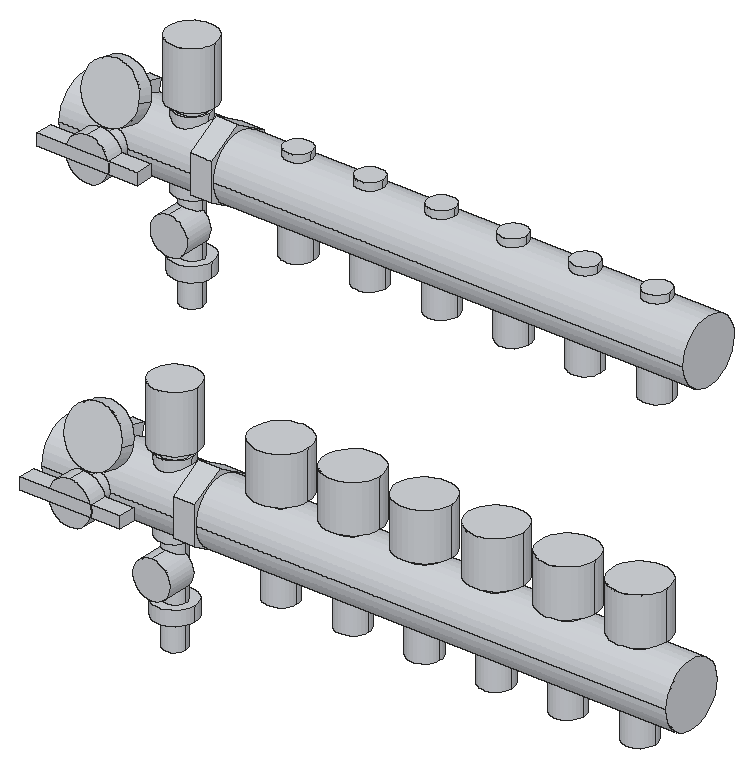
Revit family "318_dba5bdd3bf904ccfaea6eb69f10d78", category Pipe Accessories, Revit 2017
Family settings
  Round Connector Dimension = Use Diameter
  Part Type = Valve - Normal
  Work Plane-Based = No
  Always vertical = Yes
  Cut with Voids When Loaded = No
  Shared = No
Parameters (values of type "R553DK106")
  magi_piping_qv_2_6 [instance] = 0.0 L/s
  magi_piping_qv_2_5 [instance] = 0.0 L/s
  magi_piping_qv_2_4 [instance] = 0.0 L/s
  magi_piping_qv_2_3 [instance] = 0.0 L/s
  magi_piping_qv_2_2 [instance] = 0.0 L/s
  magi_piping_qv_2_1 [instance] = 0.0 L/s
  magi_piping_qv_1_6 [instance] = 0.0 L/s
  magi_piping_qv_1_5 [instance] = 0.0 L/s
  magi_piping_qv_1_4 [instance] = 0.0 L/s
  magi_piping_qv_1_3 [instance] = 0.0 L/s
  magi_piping_qv_1_2 [instance] = 0.0 L/s
  magi_piping_qv_1_1 [instance] = 0.0 L/s
  magi_piping_qv [instance] = 0.0 L/s
  magi_piping_power_6 [instance] = 0 W
  magi_piping_power_5 [instance] = 0 W
  magi_piping_power_4 [instance] = 0 W
  magi_piping_power_3 [instance] = 0 W
  magi_piping_power_2 [instance] = 0 W
  magi_piping_power_1 [instance] = 0 W
  magi_piping_kv_6 [instance] = 0
  magi_piping_kv_5 [instance] = 0
  magi_piping_kv_4 [instance] = 0
  magi_piping_kv_3 [instance] = 0
  magi_piping_kv_2 [instance] = 0
  magi_piping_kv_1 [instance] = 0
  magi_piping_dpTot_6 [instance] = 0.0 Pa
  magi_piping_dpTot_5 [instance] = 0.0 Pa
  magi_piping_dpTot_4 [instance] = 0.0 Pa
  magi_piping_dpTot_3 [instance] = 0.0 Pa
  magi_piping_dpTot_2 [instance] = 0.0 Pa
  magi_piping_dpTot_1 [instance] = 0.0 Pa
  magi_adjustmentValue_6 [instance] = ""
  magi_adjustmentValue_5 [instance] = ""
  magi_adjustmentValue_4 [instance] = ""
  magi_adjustmentValue_3 [instance] = ""
  magi_adjustmentValue_2 [instance] = ""
  magi_adjustmentValue_1 [instance] = ""
  magiProductId = "dba5bdd3bf904ccfaea6eb69f10d78"
  magiProductFamilyId = "dba5bdd3bf904ccfaea6eb69f10d78"
  magiProductCode = "R553DK106"
  magiPartTypeId = 318
  Y = 15 mm
  VersionID = "2.0/2016.10.37.0/GIACOMINI_R553DK_001"
  URL = "http://www.giacomini.com/en"
  SMP = 25 mm
  SBP9 = 18 mm
  SBP8 = 18 mm
  SBP7 = 18 mm
  SBP6 = 18 mm
  SBP5 = 18 mm
  SBP4 = 18 mm
  SBP3 = 18 mm
  SBP2 = 18 mm
  SBP12 = 18 mm
  SBP11 = 18 mm
  SBP10 = 18 mm
  SBP1 = 18 mm
  RMP = 25 mm
  RBP9 = 18 mm
  RBP8 = 18 mm
  RBP7 = 18 mm
  RBP6 = 18 mm
  RBP5 = 18 mm
  RBP4 = 18 mm
  RBP3 = 18 mm
  RBP2 = 18 mm
  RBP12 = 18 mm
  RBP11 = 18 mm
  RBP10 = 18 mm
  RBP1 = 18 mm
  R2 = 22 mm
  QmdConnectorList = "321;SMP;322;SBP1;323;SBP2;324;SBP3;325;SBP4;326;SBP5;327;SBP6;351;RMP;352;RBP1;353;RBP2;354;RBP3;355;RBP4;356;RBP5;357;RBP6"
  Productdata [instance] = "© Progman Oy, all rights reserved"
  N9 = no
  N8 = no
  N7 = no
  N6 = yes
  N5 = yes
  N4 = yes
  N3 = yes
  N12 = no
  N11 = no
  N10 = no
  Manufacturer = "Giacomini"
  MC_Default_elevation = 0 mm
  L = 435 mm
  I = 50 mm
  H5 = 33 mm
  H4 = 5 mm
  H3__ve = -H3  # -40 mm
  H3 = 40 mm
  H11 = 5 mm
  Flow supply main [instance] = Flow supply 1 + Flow supply 2 + Flow supply 3 + Flow supply 4 + Flow supply 5 + Flow supply 6  # 0.0 L/s
  Flow supply 6 [instance] = 0.0 L/s
  Flow supply 5 [instance] = 0.0 L/s
  Flow supply 4 [instance] = 0.0 L/s
  Flow supply 3 [instance] = 0.0 L/s
  Flow supply 2 [instance] = 0.0 L/s
  Flow supply 1 [instance] = 0.0 L/s
  Flow return main [instance] = Flow return 1 + Flow return 2 + Flow return 3 + Flow return 4 + Flow return 5 + Flow return 6  # 0.0 L/s
  Flow return 6 [instance] = 0.0 L/s
  Flow return 5 [instance] = 0.0 L/s
  Flow return 4 [instance] = 0.0 L/s
  Flow return 3 [instance] = 0.0 L/s
  Flow return 2 [instance] = 0.0 L/s
  Flow return 1 [instance] = 0.0 L/s
  E = 208 mm
  Description = "PREASSEMBLED MANIFOLD KIT"
  D5 = 38 mm
  D4 = 22 mm
  D31 = 18 mm
  D2 = 44 mm
  CAT0 = yes
  A = 149 mm
Reference planes
  plane 1 "Center (Front/Back)": y = 0
  plane 2 "XYPLANE": z = 0
  plane 3 "Center (Left/Right)": x = 0
  plane 4 "INIT_TEMP": y = 100
  plane 5 "379": x = 699
  plane 6 "378": x = 649
  plane 7 "377": x = 599
  plane 8 "376": x = 549
  plane 9 "375": x = 499
  plane 10 "374": x = 449
  plane 11 "373": x = 399
  plane 12 "372": x = 349
  plane 13 "371": x = 299
  plane 14 "369": x = 249
  plane 15 "368": x = 199
  plane 16 "367": x = 149
  plane 17 "366": z = 22
  plane 18 "365": z = 0
  plane 19 "364": z = -208
  plane 20 "363": y = -15
  plane 21 "362": y = 0
  plane 22 "361": x = 0
  plane 23 "360": z = -40
  plane 24 "359": z = -186
  plane 25 "358": z = -181
  plane 26 "357": z = -248
  plane 27 "356": x = 75
  plane 28 "355": z = 26
  plane 29 "354": x = 92
  plane 30 "353": z = 31
  plane 31 "352": z = -26
  plane 32 "351": z = -46
  plane 33 "350": z = -66
  plane 34 "349": z = 30
  plane 35 "348": x = 38
  plane 36 "347": y = -33
  plane 37 "346": z = 30
  plane 38 "345": y = -15
  plane 39 "344": z = -182
  plane 40 "343": z = -177
  plane 41 "342": z = -234
  plane 42 "341": z = -254
  plane 43 "340": z = -274
  plane 44 "339": z = -178
  plane 45 "338": y = -30
  plane 46 "337": z = -178
  plane 47 "336": y = -48
  plane 48 "1055": through (-712, 0, 30) normal (0, 0.2588, 0.9659)
  plane 49 "1056": through (-712, -15, 30) normal (0, -0.9659, 0.2588)
  plane 50 "1057": through (-712, -30, -178) normal (0, 0.9659, -0.2588)
  plane 51 "1058": through (-712, -15, -178) normal (0, -0.2588, -0.9659)
Forms (mm)
  Extrusion 1, solid, visible <- "N12"
    sketch origin (-750, 0, 22) x (1, 0, 0) y (0, 1, 0)
      loop
        circle (1449, 0) r 9
    from 0 to 5 <- "H11"
  Extrusion 2, solid, visible <- "N11"
    sketch origin (-750, 0, 22) x (1, 0, 0) y (0, 1, 0)
      loop
        circle (1399, 0) r 9
    from 0 to 5 <- "H11"
  Extrusion 3, solid, visible <- "N9"
    sketch origin (-750, 0, 22) x (1, 0, 0) y (0, 1, 0)
      loop
        circle (1299, 0) r 9
    from 0 to 5 <- "H11"
  Extrusion 4, solid, visible <- "N10"
    sketch origin (-750, 0, 22) x (1, 0, 0) y (0, 1, 0)
      loop
        circle (1349, 0) r 9
    from 0 to 5 <- "H11"
  Extrusion 5, solid, visible <- "N8"
    sketch origin (-750, 0, 22) x (1, 0, 0) y (0, 1, 0)
      loop
        circle (1249, 0) r 9
    from 0 to 5 <- "H11"
  Extrusion 6, solid, visible <- "N7"
    sketch origin (-750, 0, 22) x (1, 0, 0) y (0, 1, 0)
      loop
        circle (1199, 0) r 9
    from 0 to 5 <- "H11"
  Extrusion 7, solid, visible <- "N6"
    sketch origin (-750, 0, 22) x (1, 0, 0) y (0, 1, 0)
      loop
        circle (1149, 0) r 9
    from 0 to 5 <- "H11"
  Extrusion 8, solid, visible <- "N5"
    sketch origin (-750, 0, 22) x (1, 0, 0) y (0, 1, 0)
      loop
        circle (1099, 0) r 9
    from 0 to 5 <- "H11"
  Extrusion 9, solid, visible <- "N4"
    sketch origin (-750, 0, 22) x (1, 0, 0) y (0, 1, 0)
      loop
        circle (1049, 0) r 9
    from 0 to 5 <- "H11"
  Extrusion 10, solid, visible <- "N3"
    sketch origin (-750, 0, 22) x (1, 0, 0) y (0, 1, 0)
      loop
        circle (999, 0) r 9
    from 0 to 5 <- "H11"
  Extrusion 11, solid
    sketch origin (-750, 0, 22) x (1, 0, 0) y (0, 1, 0)
      loop
        circle (949, 0) r 9
    from 0 to 5 <- "H11"
  Extrusion 12, solid
    sketch origin (-750, 0, 22) x (1, 0, 0) y (0, 1, 0)
      loop
        circle (899, 0) r 9
    from 0 to 5 <- "H11"
  Extrusion 13, solid, visible <- "CAT0"
    sketch origin (0, -750, 0) x (0, 1, 0) y (0, 0, 1)
      loop
        circle (750, 0) r 22
    from 0 to 435 <- "L"
  Extrusion 14, solid
    sketch origin (-750, 0, 0) x (1, 0, 0) y (0, 1, 0)
      loop
        circle (899, 0) r 11
    from 0 to -40 <- "H3__ve"
  Extrusion 15, solid
    sketch origin (-750, 0, 0) x (1, 0, 0) y (0, 1, 0)
      loop
        circle (949, 0) r 11
    from 0 to -40 <- "H3__ve"
  Extrusion 16, solid, visible <- "N3"
    sketch origin (-750, 0, 0) x (1, 0, 0) y (0, 1, 0)
      loop
        circle (999, 0) r 11
    from 0 to -40 <- "H3__ve"
  Extrusion 17, solid, visible <- "N4"
    sketch origin (-750, 0, 0) x (1, 0, 0) y (0, 1, 0)
      loop
        circle (1049, 0) r 11
    from 0 to -40 <- "H3__ve"
  Extrusion 18, solid, visible <- "N5"
    sketch origin (-750, 0, 0) x (1, 0, 0) y (0, 1, 0)
      loop
        circle (1099, 0) r 11
    from 0 to -40 <- "H3__ve"
  Extrusion 19, solid, visible <- "N6"
    sketch origin (-750, 0, 0) x (1, 0, 0) y (0, 1, 0)
      loop
        circle (1149, 0) r 11
    from 0 to -40 <- "H3__ve"
  Extrusion 20, solid, visible <- "N7"
    sketch origin (-750, 0, 0) x (1, 0, 0) y (0, 1, 0)
      loop
        circle (1199, 0) r 11
    from 0 to -40 <- "H3__ve"
  Extrusion 21, solid, visible <- "N12"
    sketch origin (-750, 0, 0) x (1, 0, 0) y (0, 1, 0)
      loop
        circle (1449, 0) r 11
    from 0 to -40 <- "H3__ve"
  Extrusion 22, solid, visible <- "N11"
    sketch origin (-750, 0, 0) x (1, 0, 0) y (0, 1, 0)
      loop
        circle (1399, 0) r 11
    from 0 to -40 <- "H3__ve"
  Extrusion 23, solid, visible <- "N10"
    sketch origin (-750, 0, 0) x (1, 0, 0) y (0, 1, 0)
      loop
        circle (1349, 0) r 11
    from 0 to -40 <- "H3__ve"
  Extrusion 24, solid, visible <- "N9"
    sketch origin (-750, 0, 0) x (1, 0, 0) y (0, 1, 0)
      loop
        circle (1299, 0) r 11
    from 0 to -40 <- "H3__ve"
  Extrusion 25, solid, visible <- "N8"
    sketch origin (-750, 0, 0) x (1, 0, 0) y (0, 1, 0)
      loop
        circle (1249, 0) r 11
    from 0 to -40 <- "H3__ve"
  Extrusion 26, solid, visible <- "CAT0"
    sketch origin (0, -750, 0) x (0, 1, 0) y (0, 0, 1)
      loop
        circle (735, -208) r 22
    from 0 to 435 <- "L"
  Extrusion 27, solid
    sketch origin (-750, 0, -208) x (1, 0, 0) y (0, 1, 0)
      loop
        circle (949, -15) r 11
    from 0 to -40 <- "H3__ve"
  Extrusion 28, solid
    sketch origin (-750, 0, -208) x (1, 0, 0) y (0, 1, 0)
      loop
        circle (899, -15) r 11
    from 0 to -40 <- "H3__ve"
  Extrusion 29, solid, visible <- "N3"
    sketch origin (-750, 0, -208) x (1, 0, 0) y (0, 1, 0)
      loop
        circle (999, -15) r 11
    from 0 to -40 <- "H3__ve"
  Extrusion 30, solid
    sketch origin (-750, 0, -186) x (1, 0, 0) y (0, 1, 0)
      loop
        circle (899, -15) r 11
    from 0 to 5 <- "H4"
  Extrusion 31, solid
    sketch origin (-750, 0, -181) x (1, 0, 0) y (0, 1, 0)
      loop
        circle (899, -15) r 19
    from 0 to 33 <- "H5"
  Extrusion 32, solid
    sketch origin (-750, 0, -181) x (1, 0, 0) y (0, 1, 0)
      loop
        circle (949, -15) r 19
    from 0 to 33 <- "H5"
  Extrusion 33, solid
    sketch origin (-750, 0, -186) x (1, 0, 0) y (0, 1, 0)
      loop
        circle (949, -15) r 11
    from 0 to 5 <- "H4"
  Extrusion 34, solid, visible <- "N3"
    sketch origin (-750, 0, -186) x (1, 0, 0) y (0, 1, 0)
      loop
        circle (999, -15) r 11
    from 0 to 5 <- "H4"
  Extrusion 35, solid, visible <- "N3"
    sketch origin (-750, 0, -181) x (1, 0, 0) y (0, 1, 0)
      loop
        circle (999, -15) r 19
    from 0 to 33 <- "H5"
  Extrusion 36, solid, visible <- "N4"
    sketch origin (-750, 0, -181) x (1, 0, 0) y (0, 1, 0)
      loop
        circle (1049, -15) r 19
    from 0 to 33 <- "H5"
  Extrusion 37, solid, visible <- "N4"
    sketch origin (-750, 0, -186) x (1, 0, 0) y (0, 1, 0)
      loop
        circle (1049, -15) r 11
    from 0 to 5 <- "H4"
  Extrusion 38, solid, visible <- "N4"
    sketch origin (-750, 0, -208) x (1, 0, 0) y (0, 1, 0)
      loop
        circle (1049, -15) r 11
    from 0 to -40 <- "H3__ve"
  Extrusion 39, solid, visible <- "N5"
    sketch origin (-750, 0, -208) x (1, 0, 0) y (0, 1, 0)
      loop
        circle (1099, -15) r 11
    from 0 to -40 <- "H3__ve"
  Extrusion 40, solid, visible <- "N5"
    sketch origin (-750, 0, -186) x (1, 0, 0) y (0, 1, 0)
      loop
        circle (1099, -15) r 11
    from 0 to 5 <- "H4"
  Extrusion 41, solid, visible <- "N5"
    sketch origin (-750, 0, -181) x (1, 0, 0) y (0, 1, 0)
      loop
        circle (1099, -15) r 19
    from 0 to 33 <- "H5"
  Extrusion 42, solid, visible <- "N6"
    sketch origin (-750, 0, -181) x (1, 0, 0) y (0, 1, 0)
      loop
        circle (1149, -15) r 19
    from 0 to 33 <- "H5"
  Extrusion 43, solid, visible <- "N6"
    sketch origin (-750, 0, -186) x (1, 0, 0) y (0, 1, 0)
      loop
        circle (1149, -15) r 11
    from 0 to 5 <- "H4"
  Extrusion 44, solid, visible <- "N6"
    sketch origin (-750, 0, -208) x (1, 0, 0) y (0, 1, 0)
      loop
        circle (1149, -15) r 11
    from 0 to -40 <- "H3__ve"
  Extrusion 45, solid, visible <- "N7"
    sketch origin (-750, 0, -208) x (1, 0, 0) y (0, 1, 0)
      loop
        circle (1199, -15) r 11
    from 0 to -40 <- "H3__ve"
  Extrusion 46, solid, visible <- "N7"
    sketch origin (-750, 0, -186) x (1, 0, 0) y (0, 1, 0)
      loop
        circle (1199, -15) r 11
    from 0 to 5 <- "H4"
  Extrusion 47, solid, visible <- "N7"
    sketch origin (-750, 0, -181) x (1, 0, 0) y (0, 1, 0)
      loop
        circle (1199, -15) r 19
    from 0 to 33 <- "H5"
  Extrusion 48, solid, visible <- "N9"
    sketch origin (-750, 0, -181) x (1, 0, 0) y (0, 1, 0)
      loop
        circle (1299, -15) r 19
    from 0 to 33 <- "H5"
  Extrusion 49, solid, visible <- "N9"
    sketch origin (-750, 0, -186) x (1, 0, 0) y (0, 1, 0)
      loop
        circle (1299, -15) r 11
    from 0 to 5 <- "H4"
  Extrusion 50, solid, visible <- "N9"
    sketch origin (-750, 0, -208) x (1, 0, 0) y (0, 1, 0)
      loop
        circle (1299, -15) r 11
    from 0 to -40 <- "H3__ve"
  Extrusion 51, solid, visible <- "N8"
    sketch origin (-750, 0, -208) x (1, 0, 0) y (0, 1, 0)
      loop
        circle (1249, -15) r 11
    from 0 to -40 <- "H3__ve"
  Extrusion 52, solid, visible <- "N8"
    sketch origin (-750, 0, -186) x (1, 0, 0) y (0, 1, 0)
      loop
        circle (1249, -15) r 11
    from 0 to 5 <- "H4"
  Extrusion 53, solid, visible <- "N8"
    sketch origin (-750, 0, -181) x (1, 0, 0) y (0, 1, 0)
      loop
        circle (1249, -15) r 19
    from 0 to 33 <- "H5"
  Extrusion 54, solid, visible <- "N11"
    sketch origin (-750, 0, -181) x (1, 0, 0) y (0, 1, 0)
      loop
        circle (1399, -15) r 19
    from 0 to 33 <- "H5"
  Extrusion 55, solid, visible <- "N11"
    sketch origin (-750, 0, -186) x (1, 0, 0) y (0, 1, 0)
      loop
        circle (1399, -15) r 11
    from 0 to 5 <- "H4"
  Extrusion 56, solid, visible <- "N11"
    sketch origin (-750, 0, -208) x (1, 0, 0) y (0, 1, 0)
      loop
        circle (1399, -15) r 11
    from 0 to -40 <- "H3__ve"
  Extrusion 57, solid, visible <- "N12"
    sketch origin (-750, 0, -208) x (1, 0, 0) y (0, 1, 0)
      loop
        circle (1449, -15) r 11
    from 0 to -40 <- "H3__ve"
  Extrusion 58, solid, visible <- "N12"
    sketch origin (-750, 0, -186) x (1, 0, 0) y (0, 1, 0)
      loop
        circle (1449, -15) r 11
    from 0 to 5 <- "H4"
  Extrusion 59, solid, visible <- "N12"
    sketch origin (-750, 0, -181) x (1, 0, 0) y (0, 1, 0)
      loop
        circle (1449, -15) r 19
    from 0 to 33 <- "H5"
  Extrusion 60, solid, visible <- "N10"
    sketch origin (-750, 0, -181) x (1, 0, 0) y (0, 1, 0)
      loop
        circle (1349, -15) r 19
    from 0 to 33 <- "H5"
  Extrusion 61, solid, visible <- "N10"
    sketch origin (-750, 0, -186) x (1, 0, 0) y (0, 1, 0)
      loop
        circle (1349, -15) r 11
    from 0 to 5 <- "H4"
  Extrusion 62, solid, visible <- "N10"
    sketch origin (-750, 0, -208) x (1, 0, 0) y (0, 1, 0)
      loop
        circle (1349, -15) r 11
    from 0 to -40 <- "H3__ve"
  Extrusion 63, solid
    sketch origin (-750, 0, 26) x (1, 0, 0) y (0, 1, 0)
      loop
        circle (825, 0) r 12
    from 0 to -52
  Extrusion 64, solid
    sketch origin (92, -750, 0) x (0, 1, 0) y (0, 0, 1)
      loop
        line (750, 26) -> (727.483, 13) -> (727.483, -13) -> (750, -26) -> (772.517, -13) -> (772.517, 13) -> (750, 26)
    from 0 to 15
  Extrusion 65, solid
    sketch origin (-750, 0, 26) x (1, 0, 0) y (0, 1, 0)
      loop
        circle (825, 0) r 10
    from 0 to 5
  Extrusion 66, solid
    sketch origin (-750, 0, 31) x (1, 0, 0) y (0, 1, 0)
      loop
        circle (825, 0) r 16
    from 0 to 40
  Extrusion 67, solid
    sketch origin (-750, 0, -26) x (1, 0, 0) y (0, 1, 0)
      loop
        circle (825, 0) r 7.5
    from 0 to -70
  Extrusion 68, solid
    sketch origin (750, 0, 0) x (-1, 0, 0) y (0, 0, 1)
      loop
        circle (675, -46) r 13
    from 0 to -20
  Extrusion 69, solid
    sketch origin (-750, 0, -66) x (1, 0, 0) y (0, 1, 0)
      loop
        circle (825, 0) r 14
    from 0 to -10
  Extrusion 70, solid
    sketch origin (750, -33, 0) x (-1, 0, 0) y (0, 0, 1)
      loop
        circle (712, 0) r 15
    from 0 to -12
  Extrusion 71, solid
    sketch origin (-712, 0, 30) x (1, 0, 0) y (0, 0.965926, -0.258819)
      loop
        line (746, 15) -> (746, -15) -> (754, -15) -> (754, 15) -> (746, 15)
    from 0 to -18
  Extrusion 72, solid
    sketch origin (750, 0, 0) x (-1, 0, 0) y (0, 0, 1)
      loop
        circle (712, 0) r 9
    from 0 to -33
  Extrusion 73, solid
    sketch origin (750, -33, 0) x (-1, 0, 0) y (0, 0, 1)
      loop
        line (677, 4) -> (677, -4) -> (747, -4) -> (747, 4) -> (677, 4)
    from 0 to -12
  Extrusion 74, solid
    sketch origin (-712, -15, 30) x (1, 0, 0) y (0, 0.258819, 0.965926)
      loop
        circle (750, 0) r 20
    from 0 to 10
  Extrusion 75, solid
    sketch origin (-750, 0, -274) x (1, 0, 0) y (0, 1, 0)
      loop
        circle (825, -15) r 14
    from 0 to -10
  Extrusion 76, solid
    sketch origin (750, -15, 0) x (-1, 0, 0) y (0, 0, 1)
      loop
        circle (675, -254) r 13
    from 0 to -20
  Extrusion 77, solid
    sketch origin (-750, 0, -234) x (1, 0, 0) y (0, 1, 0)
      loop
        circle (825, -15) r 7.5
    from 0 to -70
  Extrusion 78, solid
    sketch origin (-750, 0, -177) x (1, 0, 0) y (0, 1, 0)
      loop
        circle (825, -15) r 16
    from 0 to 40
  Extrusion 79, solid
    sketch origin (-750, 0, -182) x (1, 0, 0) y (0, 1, 0)
      loop
        circle (825, -15) r 10
    from 0 to 5
  Extrusion 80, solid
    sketch origin (92, -750, 0) x (0, 1, 0) y (0, 0, 1)
      loop
        line (735, -182) -> (712.483, -195) -> (712.483, -221) -> (735, -234) -> (757.517, -221) -> (757.517, -195) -> (735, -182)
    from 0 to 15
  Extrusion 81, solid
    sketch origin (-750, 0, -182) x (1, 0, 0) y (0, 1, 0)
      loop
        circle (825, -15) r 12
    from 0 to -52
  Extrusion 82, solid
    sketch origin (-712, -30, -178) x (1, 0, 0) y (0, -0.258819, -0.965926)
      loop
        circle (750, 0) r 20
    from 0 to -10
  Extrusion 83, solid
    sketch origin (750, -48, 0) x (-1, 0, 0) y (0, 0, 1)
      loop
        line (677, -204) -> (677, -212) -> (747, -212) -> (747, -204) -> (677, -204)
    from 0 to -12
  Extrusion 84, solid
    sketch origin (750, -15, 0) x (-1, 0, 0) y (0, 0, 1)
      loop
        circle (712, -208) r 9
    from 0 to -33
  Extrusion 85, solid
    sketch origin (-712, -15, -178) x (1, 0, 0) y (0, -0.965926, 0.258819)
      loop
        line (746, -15) -> (754, -15) -> (754, 15) -> (746, 15) -> (746, -15)
    from 0 to 18
  Extrusion 86, solid
    sketch origin (750, -48, 0) x (-1, 0, 0) y (0, 0, 1)
      loop
        circle (712, -208) r 15
    from 0 to -12
  Extrusion 87, solid, not visible
    sketch origin (-750, 0, -40) x (1, 0, 0) y (0, 1, 0)
      loop
        circle (949, 0) r 10
    from 0 to 10
  Extrusion 88, solid, not visible
    sketch origin (-750, 0, -40) x (1, 0, 0) y (0, 1, 0)
      loop
        circle (899, 0) r 10
    from 0 to 10
  Extrusion 89, solid, not visible
    sketch origin (0, -750, 0) x (0, 1, 0) y (0, 0, 1)
      loop
        circle (735, -208) r 10
    from 0 to 10
  Extrusion 90, solid, not visible
    sketch origin (0, -750, 0) x (0, 1, 0) y (0, 0, 1)
      loop
        circle (750, 0) r 10
    from 0 to 10
  Extrusion 91, solid, not visible
    sketch origin (-750, 0, -40) x (1, 0, 0) y (0, 1, 0)
      loop
        circle (999, 0) r 10
    from 0 to 10
  Extrusion 92, solid, not visible
    sketch origin (-750, 0, -40) x (1, 0, 0) y (0, 1, 0)
      loop
        circle (1049, 0) r 10
    from 0 to 10
  Extrusion 93, solid, not visible
    sketch origin (-750, 0, -40) x (1, 0, 0) y (0, 1, 0)
      loop
        circle (1099, 0) r 10
    from 0 to 10
  Extrusion 94, solid, not visible
    sketch origin (-750, 0, -40) x (1, 0, 0) y (0, 1, 0)
      loop
        circle (1149, 0) r 10
    from 0 to 10
  Extrusion 95, solid, not visible
    sketch origin (-750, 0, -248) x (1, 0, 0) y (0, 1, 0)
      loop
        circle (999, -15) r 10
    from 0 to 10
  Extrusion 96, solid, not visible
    sketch origin (-750, 0, -248) x (1, 0, 0) y (0, 1, 0)
      loop
        circle (899, -15) r 10
    from 0 to 10
  Extrusion 97, solid, not visible
    sketch origin (-750, 0, -248) x (1, 0, 0) y (0, 1, 0)
      loop
        circle (949, -15) r 10
    from 0 to 10
  Extrusion 98, solid, not visible
    sketch origin (-750, 0, -248) x (1, 0, 0) y (0, 1, 0)
      loop
        circle (1049, -15) r 10
    from 0 to 10
  Extrusion 99, solid, not visible
    sketch origin (-750, 0, -248) x (1, 0, 0) y (0, 1, 0)
      loop
        circle (1099, -15) r 10
    from 0 to 10
  Extrusion 100, solid, not visible
    sketch origin (-750, 0, -248) x (1, 0, 0) y (0, 1, 0)
      loop
        circle (1149, -15) r 10
    from 0 to 10
Text (mm)
  text "© Progman Oy, all rights reserved" at (-472.209, -2482.653, 0), in view "Ref. Level"
Dimensions and locks
  plane 4 "INIT_TEMP" to plane 1 "Center (Front/Back)" = 100 mm
  "I": plane 6 "378" to plane 5 "379"
  "I": plane 7 "377" to plane 6 "378"
  "I": plane 8 "376" to plane 7 "377"
  "I": plane 9 "375" to plane 8 "376"
  "I": plane 10 "374" to plane 9 "375"
  "I": plane 11 "373" to plane 10 "374"
  "I": plane 12 "372" to plane 11 "373"
  "I": plane 13 "371" to plane 12 "372"
  "I": plane 14 "369" to plane 13 "371"
  "I": plane 15 "368" to plane 14 "369"
  "I": plane 16 "367" to plane 15 "368"
  "A": plane 3 "Center (Left/Right)" to plane 16 "367"
  "R2": plane 2 "XYPLANE" to plane 17 "366"
  locked: plane 2 "XYPLANE" to plane 18 "365"
  "E": plane 2 "XYPLANE" to plane 19 "364"
  "Y": plane 1 "Center (Front/Back)" to plane 20 "363"
  locked: plane 1 "Center (Front/Back)" to plane 21 "362"
  locked: plane 3 "Center (Left/Right)" to plane 22 "361"
  "H3": plane 2 "XYPLANE" to plane 23 "360"
  "R2": plane 19 "364" to plane 24 "359"
  "H4": plane 24 "359" to plane 25 "358"
  "H3": plane 19 "364" to plane 26 "357"
  locked: plane 3 "Center (Left/Right)" to plane 27 "356" at 75
  locked: plane 2 "XYPLANE" to plane 28 "355" at 26
  locked: plane 27 "356" to plane 29 "354" at 17
  locked: plane 28 "355" to plane 30 "353" at 5
  locked: plane 28 "355" to plane 31 "352" at 52
  locked: plane 31 "352" to plane 32 "351" at 20
  locked: plane 31 "352" to plane 33 "350" at 40
  locked: plane 2 "XYPLANE" to plane 34 "349" at 30
  locked: plane 3 "Center (Left/Right)" to plane 35 "348" at 38
  locked: plane 1 "Center (Front/Back)" to plane 36 "347" at 33
  locked: plane 2 "XYPLANE" to plane 37 "346" at 30
  locked: plane 1 "Center (Front/Back)" to plane 38 "345" at 15
  locked: plane 19 "364" to plane 39 "344" at 26
  locked: plane 39 "344" to plane 40 "343" at 5
  locked: plane 39 "344" to plane 41 "342" at 52
  locked: plane 41 "342" to plane 42 "341" at 20
  locked: plane 41 "342" to plane 43 "340" at 40
  locked: plane 19 "364" to plane 44 "339" at 30
  locked: plane 20 "363" to plane 45 "338" at 15
  locked: plane 19 "364" to plane 46 "337" at 30
  locked: plane 20 "363" to plane 47 "336" at 33
  "D31": diameter of Extrusion 1 sketch curve
  "D31": diameter of Extrusion 2 sketch curve
  "D31": diameter of Extrusion 3 sketch curve
  "D31": diameter of Extrusion 4 sketch curve
  "D31": diameter of Extrusion 5 sketch curve
  "D31": diameter of Extrusion 6 sketch curve
  "D31": diameter of Extrusion 7 sketch curve
  "D31": diameter of Extrusion 8 sketch curve
  "D31": diameter of Extrusion 9 sketch curve
  "D31": diameter of Extrusion 10 sketch curve
  "D31": diameter of Extrusion 11 sketch curve
  "D31": diameter of Extrusion 12 sketch curve
  "D2": diameter of Extrusion 13 sketch curve
  "D4": diameter of Extrusion 14 sketch curve
  "D4": diameter of Extrusion 15 sketch curve
  "D4": diameter of Extrusion 16 sketch curve
  "D4": diameter of Extrusion 17 sketch curve
  "D4": diameter of Extrusion 18 sketch curve
  "D4": diameter of Extrusion 19 sketch curve
  "D4": diameter of Extrusion 20 sketch curve
  "D4": diameter of Extrusion 21 sketch curve
  "D4": diameter of Extrusion 22 sketch curve
  "D4": diameter of Extrusion 23 sketch curve
  "D4": diameter of Extrusion 24 sketch curve
  "D4": diameter of Extrusion 25 sketch curve
  "D2": diameter of Extrusion 26 sketch curve
  "D4": diameter of Extrusion 27 sketch curve
  "D4": diameter of Extrusion 28 sketch curve
  "D4": diameter of Extrusion 29 sketch curve
  "D4": diameter of Extrusion 30 sketch curve
  "D5": diameter of Extrusion 31 sketch curve
  "D5": diameter of Extrusion 32 sketch curve
  "D4": diameter of Extrusion 33 sketch curve
  "D4": diameter of Extrusion 34 sketch curve
  "D5": diameter of Extrusion 35 sketch curve
  "D5": diameter of Extrusion 36 sketch curve
  "D4": diameter of Extrusion 37 sketch curve
  "D4": diameter of Extrusion 38 sketch curve
  "D4": diameter of Extrusion 39 sketch curve
  "D4": diameter of Extrusion 40 sketch curve
  "D5": diameter of Extrusion 41 sketch curve
  "D5": diameter of Extrusion 42 sketch curve
  "D4": diameter of Extrusion 43 sketch curve
  "D4": diameter of Extrusion 44 sketch curve
  "D4": diameter of Extrusion 45 sketch curve
  "D4": diameter of Extrusion 46 sketch curve
  "D5": diameter of Extrusion 47 sketch curve
  "D5": diameter of Extrusion 48 sketch curve
  "D4": diameter of Extrusion 49 sketch curve
  "D4": diameter of Extrusion 50 sketch curve
  "D4": diameter of Extrusion 51 sketch curve
  "D4": diameter of Extrusion 52 sketch curve
  "D5": diameter of Extrusion 53 sketch curve
  "D5": diameter of Extrusion 54 sketch curve
  "D4": diameter of Extrusion 55 sketch curve
  "D4": diameter of Extrusion 56 sketch curve
  "D4": diameter of Extrusion 57 sketch curve
  "D4": diameter of Extrusion 58 sketch curve
  "D5": diameter of Extrusion 59 sketch curve
  "D5": diameter of Extrusion 60 sketch curve
  "D4": diameter of Extrusion 61 sketch curve
  "D4": diameter of Extrusion 62 sketch curve
  aligned and locked: level to plane 2 "XYPLANE"
  aligned and locked: plane 5 "379" to Extrusion 1 sketch curve
  aligned and locked: plane 21 "362" to Extrusion 1 sketch curve
  aligned and locked: plane 6 "378" to Extrusion 2 sketch curve
  aligned and locked: plane 21 "362" to Extrusion 2 sketch curve
  aligned and locked: plane 8 "376" to Extrusion 3 sketch curve
  aligned and locked: plane 21 "362" to Extrusion 3 sketch curve
  aligned and locked: plane 7 "377" to Extrusion 4 sketch curve
  aligned and locked: plane 21 "362" to Extrusion 4 sketch curve
  aligned and locked: plane 9 "375" to Extrusion 5 sketch curve
  aligned and locked: plane 21 "362" to Extrusion 5 sketch curve
  aligned and locked: plane 10 "374" to Extrusion 6 sketch curve
  aligned and locked: plane 21 "362" to Extrusion 6 sketch curve
  aligned and locked: plane 11 "373" to Extrusion 7 sketch curve
  aligned and locked: plane 21 "362" to Extrusion 7 sketch curve
  aligned and locked: plane 12 "372" to Extrusion 8 sketch curve
  aligned and locked: plane 21 "362" to Extrusion 8 sketch curve
  aligned and locked: plane 13 "371" to Extrusion 9 sketch curve
  aligned and locked: plane 21 "362" to Extrusion 9 sketch curve
  aligned and locked: plane 14 "369" to Extrusion 10 sketch curve
  aligned and locked: plane 21 "362" to Extrusion 10 sketch curve
  aligned and locked: plane 15 "368" to Extrusion 11 sketch curve
  aligned and locked: plane 21 "362" to Extrusion 11 sketch curve
  aligned and locked: plane 16 "367" to Extrusion 12 sketch curve
  aligned and locked: plane 21 "362" to Extrusion 12 sketch curve
  aligned and locked: plane 18 "365" to Extrusion 13 sketch curve
  aligned and locked: Extrusion 13 sketch curve to plane 21 "362"
  aligned and locked: plane 16 "367" to Extrusion 14 sketch curve
  aligned and locked: plane 21 "362" to Extrusion 14 sketch curve
  aligned and locked: plane 15 "368" to Extrusion 15 sketch curve
  aligned and locked: plane 21 "362" to Extrusion 15 sketch curve
  aligned and locked: plane 14 "369" to Extrusion 16 sketch curve
  aligned and locked: plane 21 "362" to Extrusion 16 sketch curve
  aligned and locked: plane 13 "371" to Extrusion 17 sketch curve
  aligned and locked: plane 21 "362" to Extrusion 17 sketch curve
  aligned and locked: plane 12 "372" to Extrusion 18 sketch curve
  aligned and locked: plane 21 "362" to Extrusion 18 sketch curve
  aligned and locked: plane 11 "373" to Extrusion 19 sketch curve
  aligned and locked: plane 21 "362" to Extrusion 19 sketch curve
  aligned and locked: plane 10 "374" to Extrusion 20 sketch curve
  aligned and locked: plane 21 "362" to Extrusion 20 sketch curve
  aligned and locked: plane 5 "379" to Extrusion 21 sketch curve
  aligned and locked: plane 21 "362" to Extrusion 21 sketch curve
  aligned and locked: plane 6 "378" to Extrusion 22 sketch curve
  aligned and locked: plane 21 "362" to Extrusion 22 sketch curve
  aligned and locked: plane 7 "377" to Extrusion 23 sketch curve
  aligned and locked: plane 21 "362" to Extrusion 23 sketch curve
  aligned and locked: plane 8 "376" to Extrusion 24 sketch curve
  aligned and locked: plane 21 "362" to Extrusion 24 sketch curve
  aligned and locked: plane 9 "375" to Extrusion 25 sketch curve
  aligned and locked: plane 21 "362" to Extrusion 25 sketch curve
  aligned and locked: plane 19 "364" to Extrusion 26 sketch curve
  aligned and locked: Extrusion 26 sketch curve to plane 20 "363"
  aligned and locked: plane 15 "368" to Extrusion 27 sketch curve
  aligned and locked: plane 20 "363" to Extrusion 27 sketch curve
  aligned and locked: plane 16 "367" to Extrusion 28 sketch curve
  aligned and locked: plane 20 "363" to Extrusion 28 sketch curve
  aligned and locked: plane 14 "369" to Extrusion 29 sketch curve
  aligned and locked: plane 20 "363" to Extrusion 29 sketch curve
  aligned and locked: plane 16 "367" to Extrusion 30 sketch curve
  aligned and locked: plane 20 "363" to Extrusion 30 sketch curve
  aligned and locked: plane 16 "367" to Extrusion 31 sketch curve
  aligned and locked: plane 20 "363" to Extrusion 31 sketch curve
  aligned and locked: plane 15 "368" to Extrusion 32 sketch curve
  aligned and locked: plane 20 "363" to Extrusion 32 sketch curve
  aligned and locked: plane 15 "368" to Extrusion 33 sketch curve
  aligned and locked: plane 20 "363" to Extrusion 33 sketch curve
  aligned and locked: plane 14 "369" to Extrusion 34 sketch curve
  aligned and locked: plane 20 "363" to Extrusion 34 sketch curve
  aligned and locked: plane 14 "369" to Extrusion 35 sketch curve
  aligned and locked: plane 20 "363" to Extrusion 35 sketch curve
  aligned and locked: plane 13 "371" to Extrusion 36 sketch curve
  aligned and locked: plane 20 "363" to Extrusion 36 sketch curve
  aligned and locked: plane 13 "371" to Extrusion 37 sketch curve
  aligned and locked: plane 20 "363" to Extrusion 37 sketch curve
  aligned and locked: plane 13 "371" to Extrusion 38 sketch curve
  aligned and locked: plane 20 "363" to Extrusion 38 sketch curve
  aligned and locked: plane 12 "372" to Extrusion 39 sketch curve
  aligned and locked: plane 20 "363" to Extrusion 39 sketch curve
  aligned and locked: plane 12 "372" to Extrusion 40 sketch curve
  aligned and locked: plane 20 "363" to Extrusion 40 sketch curve
  aligned and locked: plane 12 "372" to Extrusion 41 sketch curve
  aligned and locked: plane 20 "363" to Extrusion 41 sketch curve
  aligned and locked: plane 11 "373" to Extrusion 42 sketch curve
  aligned and locked: plane 20 "363" to Extrusion 42 sketch curve
  aligned and locked: plane 11 "373" to Extrusion 43 sketch curve
  aligned and locked: plane 20 "363" to Extrusion 43 sketch curve
  aligned and locked: plane 11 "373" to Extrusion 44 sketch curve
  aligned and locked: plane 20 "363" to Extrusion 44 sketch curve
  aligned and locked: plane 10 "374" to Extrusion 45 sketch curve
  aligned and locked: plane 20 "363" to Extrusion 45 sketch curve
  aligned and locked: plane 10 "374" to Extrusion 46 sketch curve
  aligned and locked: plane 20 "363" to Extrusion 46 sketch curve
  aligned and locked: plane 10 "374" to Extrusion 47 sketch curve
  aligned and locked: plane 20 "363" to Extrusion 47 sketch curve
  aligned and locked: plane 8 "376" to Extrusion 48 sketch curve
  aligned and locked: plane 20 "363" to Extrusion 48 sketch curve
  aligned and locked: plane 8 "376" to Extrusion 49 sketch curve
  aligned and locked: plane 20 "363" to Extrusion 49 sketch curve
  aligned and locked: plane 8 "376" to Extrusion 50 sketch curve
  aligned and locked: plane 20 "363" to Extrusion 50 sketch curve
  aligned and locked: plane 9 "375" to Extrusion 51 sketch curve
  aligned and locked: plane 20 "363" to Extrusion 51 sketch curve
  aligned and locked: plane 9 "375" to Extrusion 52 sketch curve
  aligned and locked: plane 20 "363" to Extrusion 52 sketch curve
  aligned and locked: plane 9 "375" to Extrusion 53 sketch curve
  aligned and locked: plane 20 "363" to Extrusion 53 sketch curve
  aligned and locked: plane 6 "378" to Extrusion 54 sketch curve
  aligned and locked: plane 20 "363" to Extrusion 54 sketch curve
  aligned and locked: plane 6 "378" to Extrusion 55 sketch curve
  aligned and locked: plane 20 "363" to Extrusion 55 sketch curve
  aligned and locked: plane 6 "378" to Extrusion 56 sketch curve
  aligned and locked: plane 20 "363" to Extrusion 56 sketch curve
  aligned and locked: plane 5 "379" to Extrusion 57 sketch curve
  aligned and locked: plane 20 "363" to Extrusion 57 sketch curve
  aligned and locked: plane 5 "379" to Extrusion 58 sketch curve
  aligned and locked: plane 20 "363" to Extrusion 58 sketch curve
  aligned and locked: plane 5 "379" to Extrusion 59 sketch curve
  aligned and locked: plane 20 "363" to Extrusion 59 sketch curve
  aligned and locked: plane 7 "377" to Extrusion 60 sketch curve
  aligned and locked: plane 20 "363" to Extrusion 60 sketch curve
  aligned and locked: plane 7 "377" to Extrusion 61 sketch curve
  aligned and locked: plane 20 "363" to Extrusion 61 sketch curve
  aligned and locked: plane 7 "377" to Extrusion 62 sketch curve
  aligned and locked: plane 20 "363" to Extrusion 62 sketch curve
  aligned and locked: plane 21 "362" to Extrusion 63 sketch curve
  aligned and locked: plane 27 "356" to Extrusion 63 sketch curve
  aligned and locked: plane 21 "362" to Extrusion 65 sketch curve
  aligned and locked: plane 27 "356" to Extrusion 65 sketch curve
  aligned and locked: plane 21 "362" to Extrusion 66 sketch curve
  aligned and locked: plane 27 "356" to Extrusion 66 sketch curve
  aligned and locked: plane 21 "362" to Extrusion 67 sketch curve
  aligned and locked: plane 27 "356" to Extrusion 67 sketch curve
  aligned and locked: plane 27 "356" to Extrusion 68 sketch curve
  aligned and locked: plane 32 "351" to Extrusion 68 sketch curve
  aligned and locked: plane 21 "362" to Extrusion 69 sketch curve
  aligned and locked: plane 27 "356" to Extrusion 69 sketch curve
  aligned and locked: plane 18 "365" to Extrusion 70 sketch curve
  aligned and locked: plane 35 "348" to Extrusion 70 sketch curve
  aligned and locked: plane 18 "365" to Extrusion 72 sketch curve
  aligned and locked: plane 35 "348" to Extrusion 72 sketch curve
  aligned and locked: plane 35 "348" to Extrusion 74 sketch curve
  aligned and locked: plane 20 "363" to Extrusion 75 sketch curve
  aligned and locked: plane 27 "356" to Extrusion 75 sketch curve
  aligned and locked: plane 27 "356" to Extrusion 76 sketch curve
  aligned and locked: plane 42 "341" to Extrusion 76 sketch curve
  aligned and locked: plane 20 "363" to Extrusion 77 sketch curve
  aligned and locked: plane 27 "356" to Extrusion 77 sketch curve
  aligned and locked: plane 20 "363" to Extrusion 78 sketch curve
  aligned and locked: plane 27 "356" to Extrusion 78 sketch curve
  aligned and locked: plane 20 "363" to Extrusion 79 sketch curve
  aligned and locked: plane 27 "356" to Extrusion 79 sketch curve
  aligned and locked: plane 20 "363" to Extrusion 81 sketch curve
  aligned and locked: plane 27 "356" to Extrusion 81 sketch curve
  aligned and locked: plane 35 "348" to Extrusion 82 sketch curve
  aligned and locked: plane 19 "364" to Extrusion 84 sketch curve
  aligned and locked: plane 35 "348" to Extrusion 84 sketch curve
  aligned and locked: plane 19 "364" to Extrusion 86 sketch curve
  aligned and locked: plane 35 "348" to Extrusion 86 sketch curve
  aligned and locked: plane 15 "368" to Extrusion 87 sketch curve
  aligned and locked: plane 21 "362" to Extrusion 87 sketch curve
  aligned and locked: plane 16 "367" to Extrusion 88 sketch curve
  aligned and locked: plane 21 "362" to Extrusion 88 sketch curve
  aligned and locked: plane 19 "364" to Extrusion 89 sketch curve
  aligned and locked: Extrusion 89 sketch curve to plane 20 "363"
  aligned and locked: plane 18 "365" to Extrusion 90 sketch curve
  aligned and locked: Extrusion 90 sketch curve to plane 21 "362"
  aligned and locked: plane 14 "369" to Extrusion 91 sketch curve
  aligned and locked: plane 21 "362" to Extrusion 91 sketch curve
  aligned and locked: plane 13 "371" to Extrusion 92 sketch curve
  aligned and locked: plane 21 "362" to Extrusion 92 sketch curve
  aligned and locked: plane 12 "372" to Extrusion 93 sketch curve
  aligned and locked: plane 21 "362" to Extrusion 93 sketch curve
  aligned and locked: plane 11 "373" to Extrusion 94 sketch curve
  aligned and locked: plane 21 "362" to Extrusion 94 sketch curve
  aligned and locked: plane 14 "369" to Extrusion 95 sketch curve
  aligned and locked: plane 20 "363" to Extrusion 95 sketch curve
  aligned and locked: plane 16 "367" to Extrusion 96 sketch curve
  aligned and locked: plane 20 "363" to Extrusion 96 sketch curve
  aligned and locked: plane 15 "368" to Extrusion 97 sketch curve
  aligned and locked: plane 20 "363" to Extrusion 97 sketch curve
  aligned and locked: plane 13 "371" to Extrusion 98 sketch curve
  aligned and locked: plane 20 "363" to Extrusion 98 sketch curve
  aligned and locked: plane 12 "372" to Extrusion 99 sketch curve
  aligned and locked: plane 20 "363" to Extrusion 99 sketch curve
  aligned and locked: plane 11 "373" to Extrusion 100 sketch curve
  aligned and locked: plane 20 "363" to Extrusion 100 sketch curve
Automatic sketch dimensions
  Extrusion 63 sketch curve to plane 27 "356" = 12 mm
  Extrusion 64 sketch curve to plane 1 "Center (Front/Back)" = 0 mm  (x2)
  Extrusion 64 sketch curve to plane 31 "352" = 0 mm
  Extrusion 64 sketch curve to plane 28 "355" = 0 mm
  plane 45 "338" to Extrusion 64 sketch curve = 7.483 mm
  Extrusion 64 sketch curve to plane 17 "366" = 9 mm  (x2)
  Extrusion 64 sketch curve to plane 1 "Center (Front/Back)" = 22.517 mm
  Extrusion 64 sketch curve to level = 13 mm  (x2)
  Extrusion 65 sketch curve to plane 27 "356" = 10 mm
  Extrusion 66 sketch curve to plane 27 "356" = 16 mm
  Extrusion 67 sketch curve to plane 27 "356" = 7.5 mm
  plane 33 "350" to Extrusion 68 sketch curve = 7 mm
  Extrusion 69 sketch curve to plane 27 "356" = 14 mm
  plane 31 "352" to Extrusion 70 sketch curve = 11 mm
  Extrusion 71 sketch curve to plane 35 "348" = 4 mm
  plane 49 "1056" to Extrusion 71 sketch curve = 0.511 mm
  plane 35 "348" to Extrusion 71 sketch curve = 4 mm
  Extrusion 71 sketch curve to plane 50 "1057" = 9.857 mm
  Extrusion 72 sketch curve to level = 9 mm
  Extrusion 73 sketch curve to plane 27 "356" = 2 mm
  plane 3 "Center (Left/Right)" to Extrusion 73 sketch curve = 3 mm
  Extrusion 73 sketch curve to level = 4 mm
  level to Extrusion 73 sketch curve = 4 mm
  Extrusion 74 sketch curve to plane 48 "1055" = 3.882 mm
  plane 3 "Center (Left/Right)" to Extrusion 74 sketch curve = 18 mm
  Extrusion 75 sketch curve to plane 27 "356" = 14 mm
  plane 43 "340" to Extrusion 76 sketch curve = 7 mm
  Extrusion 77 sketch curve to plane 27 "356" = 7.5 mm
  Extrusion 78 sketch curve to plane 27 "356" = 16 mm
  Extrusion 79 sketch curve to plane 27 "356" = 10 mm
  Extrusion 80 sketch curve to plane 20 "363" = 0 mm  (x2)
  Extrusion 80 sketch curve to plane 41 "342" = 0 mm
  Extrusion 80 sketch curve to plane 39 "344" = 0 mm
  Extrusion 80 sketch curve to plane 36 "347" = 4.517 mm
  Extrusion 80 sketch curve to plane 1 "Center (Front/Back)" = 7.517 mm
  Extrusion 80 sketch curve to plane 19 "364" = 13 mm  (x2)
  Extrusion 80 sketch curve to plane 24 "359" = 9 mm  (x2)
  Extrusion 81 sketch curve to plane 27 "356" = 12 mm
  plane 51 "1058" to Extrusion 82 sketch curve = 3.882 mm
  plane 3 "Center (Left/Right)" to Extrusion 82 sketch curve = 18 mm
  Extrusion 83 sketch curve to plane 27 "356" = 2 mm
  plane 3 "Center (Left/Right)" to Extrusion 83 sketch curve = 3 mm
  Extrusion 83 sketch curve to plane 19 "364" = 4 mm
  plane 19 "364" to Extrusion 83 sketch curve = 4 mm
  Extrusion 84 sketch curve to plane 19 "364" = 9 mm
  Extrusion 85 sketch curve to plane 35 "348" = 4 mm
  Extrusion 85 sketch curve to plane 50 "1057" = 0.511 mm
  plane 35 "348" to Extrusion 85 sketch curve = 4 mm
  plane 50 "1057" to Extrusion 85 sketch curve = 29.489 mm
  plane 41 "342" to Extrusion 86 sketch curve = 11 mm
  plane 20 "363" to Extrusion 87 sketch curve = 5 mm
  plane 20 "363" to Extrusion 88 sketch curve = 5 mm
  plane 45 "338" to Extrusion 89 sketch curve = 5 mm
  plane 20 "363" to Extrusion 90 sketch curve = 5 mm
  plane 20 "363" to Extrusion 91 sketch curve = 5 mm
  plane 20 "363" to Extrusion 92 sketch curve = 5 mm
  plane 20 "363" to Extrusion 93 sketch curve = 5 mm
  plane 20 "363" to Extrusion 94 sketch curve = 5 mm
  plane 45 "338" to Extrusion 95 sketch curve = 5 mm
  plane 45 "338" to Extrusion 96 sketch curve = 5 mm
  plane 45 "338" to Extrusion 97 sketch curve = 5 mm
  plane 45 "338" to Extrusion 98 sketch curve = 5 mm
  plane 45 "338" to Extrusion 99 sketch curve = 5 mm
  plane 45 "338" to Extrusion 100 sketch curve = 5 mm
Connectors
  piping at (0, 0, 0), diameter 25, driven by "Flow supply main", driven by "SMP"
    settings: on Extrusion 90, index 1, connector inside diameter 609.6 mm, connector length 0 mm, flow factor 0, pipe flow 0.0 L/s, pressure drop 0.0 Pa, fitting loss kfactor 0, connector angle 0.00°, fixture units 0, engagement length 0 mm, angle of deflection 0.00°, flow configuration 1, flow direction 1, fitting loss method 0, system type 7, joint type 0, gender type 0, connector reference index -1, connector utility 0, adjustable connector no, is connector primary yes, connector description "Main_1_1"
  piping at (149, 0, -40), diameter 18, driven by "Flow supply 1", driven by "SBP1"
    settings: on Extrusion 88, index 2, connector inside diameter 609.6 mm, connector length 0 mm, flow factor 0, pipe flow 0.0 L/s, pressure drop 0.0 Pa, fitting loss kfactor 0, connector angle 0.00°, fixture units 0, engagement length 0 mm, angle of deflection 0.00°, flow configuration 0, flow direction 2, fitting loss method 0, system type 7, joint type 0, gender type 0, connector reference index -1, connector utility 0, adjustable connector no, is connector primary no, connector description "Branch_1_1"
  piping at (199, 0, -40), diameter 18, driven by "Flow supply 2", driven by "SBP2"
    settings: on Extrusion 87, index 3, connector inside diameter 609.6 mm, connector length 0 mm, flow factor 0, pipe flow 0.0 L/s, pressure drop 0.0 Pa, fitting loss kfactor 0, connector angle 0.00°, fixture units 0, engagement length 0 mm, angle of deflection 0.00°, flow configuration 0, flow direction 2, fitting loss method 0, system type 7, joint type 0, gender type 0, connector reference index -1, connector utility 0, adjustable connector no, is connector primary no, connector description "Branch_1_2"
  piping at (249, 0, -40), diameter 18, driven by "Flow supply 3", driven by "SBP3"
    settings: on Extrusion 91, index 4, connector inside diameter 609.6 mm, connector length 0 mm, flow factor 0, pipe flow 0.0 L/s, pressure drop 0.0 Pa, fitting loss kfactor 0, connector angle 0.00°, fixture units 0, engagement length 0 mm, angle of deflection 0.00°, flow configuration 0, flow direction 2, fitting loss method 0, system type 7, joint type 0, gender type 0, connector reference index -1, connector utility 0, adjustable connector no, is connector primary no, connector description "Branch_1_3"
  piping at (299, 0, -40), diameter 18, driven by "Flow supply 4", driven by "SBP4"
    settings: on Extrusion 92, index 5, connector inside diameter 609.6 mm, connector length 0 mm, flow factor 0, pipe flow 0.0 L/s, pressure drop 0.0 Pa, fitting loss kfactor 0, connector angle 0.00°, fixture units 0, engagement length 0 mm, angle of deflection 0.00°, flow configuration 0, flow direction 2, fitting loss method 0, system type 7, joint type 0, gender type 0, connector reference index -1, connector utility 0, adjustable connector no, is connector primary no, connector description "Branch_1_4"
  piping at (349, 0, -40), diameter 18, driven by "Flow supply 5", driven by "SBP5"
    settings: on Extrusion 93, index 6, connector inside diameter 609.6 mm, connector length 0 mm, flow factor 0, pipe flow 0.0 L/s, pressure drop 0.0 Pa, fitting loss kfactor 0, connector angle 0.00°, fixture units 0, engagement length 0 mm, angle of deflection 0.00°, flow configuration 0, flow direction 2, fitting loss method 0, system type 7, joint type 0, gender type 0, connector reference index -1, connector utility 0, adjustable connector no, is connector primary no, connector description "Branch_1_5"
  piping at (399, 0, -40), diameter 18, driven by "Flow supply 6", driven by "SBP6"
    settings: on Extrusion 94, index 7, connector inside diameter 609.6 mm, connector length 0 mm, flow factor 0, pipe flow 0.0 L/s, pressure drop 0.0 Pa, fitting loss kfactor 0, connector angle 0.00°, fixture units 0, engagement length 0 mm, angle of deflection 0.00°, flow configuration 0, flow direction 2, fitting loss method 0, system type 7, joint type 0, gender type 0, connector reference index -1, connector utility 0, adjustable connector no, is connector primary no, connector description "Branch_1_6"
  piping at (0, -15, -208), diameter 25, driven by "Flow return main", driven by "RMP"
    settings: on Extrusion 89, index 8, connector inside diameter 609.6 mm, connector length 0 mm, flow factor 0, pipe flow 0.0 L/s, pressure drop 0.0 Pa, fitting loss kfactor 0, connector angle 0.00°, fixture units 0, engagement length 0 mm, angle of deflection 0.00°, flow configuration 1, flow direction 2, fitting loss method 0, system type 8, joint type 0, gender type 0, connector reference index -1, connector utility 0, adjustable connector no, is connector primary no, connector description "Main_2_1"
  piping at (149, -15, -248), diameter 18, driven by "Flow return 1", driven by "RBP1"
    settings: on Extrusion 96, index 9, connector inside diameter 609.6 mm, connector length 0 mm, flow factor 0, pipe flow 0.0 L/s, pressure drop 0.0 Pa, fitting loss kfactor 0, connector angle 0.00°, fixture units 0, engagement length 0 mm, angle of deflection 0.00°, flow configuration 0, flow direction 1, fitting loss method 0, system type 8, joint type 0, gender type 0, connector reference index -1, connector utility 0, adjustable connector no, is connector primary no, connector description "Branch_2_1"
  piping at (199, -15, -248), diameter 18, driven by "Flow return 2", driven by "RBP2"
    settings: on Extrusion 97, index 10, connector inside diameter 609.6 mm, connector length 0 mm, flow factor 0, pipe flow 0.0 L/s, pressure drop 0.0 Pa, fitting loss kfactor 0, connector angle 0.00°, fixture units 0, engagement length 0 mm, angle of deflection 0.00°, flow configuration 0, flow direction 1, fitting loss method 0, system type 8, joint type 0, gender type 0, connector reference index -1, connector utility 0, adjustable connector no, is connector primary no, connector description "Branch_2_2"
  piping at (249, -15, -248), diameter 18, driven by "Flow return 3", driven by "RBP3"
    settings: on Extrusion 95, index 11, connector inside diameter 609.6 mm, connector length 0 mm, flow factor 0, pipe flow 0.0 L/s, pressure drop 0.0 Pa, fitting loss kfactor 0, connector angle 0.00°, fixture units 0, engagement length 0 mm, angle of deflection 0.00°, flow configuration 0, flow direction 1, fitting loss method 0, system type 8, joint type 0, gender type 0, connector reference index -1, connector utility 0, adjustable connector no, is connector primary no, connector description "Branch_2_3"
  piping at (299, -15, -248), diameter 18, driven by "Flow return 4", driven by "RBP4"
    settings: on Extrusion 98, index 12, connector inside diameter 609.6 mm, connector length 0 mm, flow factor 0, pipe flow 0.0 L/s, pressure drop 0.0 Pa, fitting loss kfactor 0, connector angle 0.00°, fixture units 0, engagement length 0 mm, angle of deflection 0.00°, flow configuration 0, flow direction 1, fitting loss method 0, system type 8, joint type 0, gender type 0, connector reference index -1, connector utility 0, adjustable connector no, is connector primary no, connector description "Branch_2_4"
  piping at (349, -15, -248), diameter 18, driven by "Flow return 5", driven by "RBP5"
    settings: on Extrusion 99, index 13, connector inside diameter 609.6 mm, connector length 0 mm, flow factor 0, pipe flow 0.0 L/s, pressure drop 0.0 Pa, fitting loss kfactor 0, connector angle 0.00°, fixture units 0, engagement length 0 mm, angle of deflection 0.00°, flow configuration 0, flow direction 1, fitting loss method 0, system type 8, joint type 0, gender type 0, connector reference index -1, connector utility 0, adjustable connector no, is connector primary no, connector description "Branch_2_5"
  piping at (399, -15, -248), diameter 18, driven by "Flow return 6", driven by "RBP6"
    settings: on Extrusion 100, index 14, connector inside diameter 609.6 mm, connector length 0 mm, flow factor 0, pipe flow 0.0 L/s, pressure drop 0.0 Pa, fitting loss kfactor 0, connector angle 0.00°, fixture units 0, engagement length 0 mm, angle of deflection 0.00°, flow configuration 0, flow direction 1, fitting loss method 0, system type 8, joint type 0, gender type 0, connector reference index -1, connector utility 0, adjustable connector no, is connector primary no, connector description "Branch_2_6"
